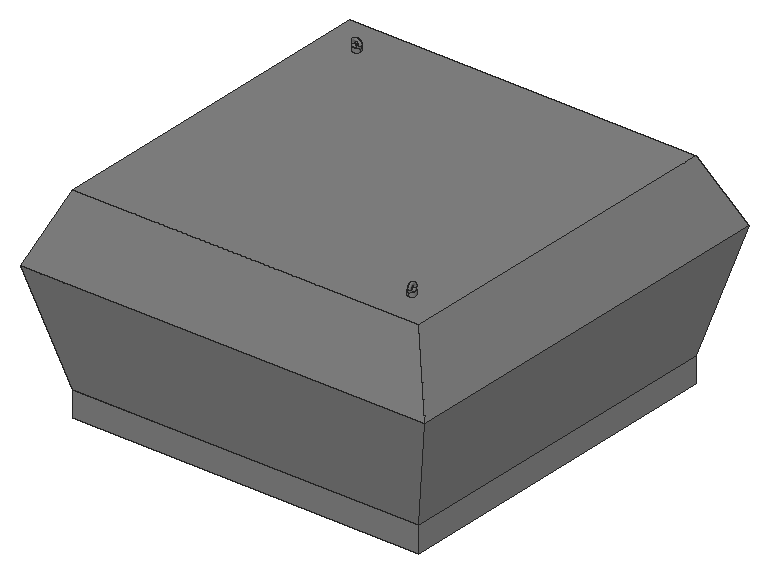
Revit family "НЕВАТОМ_Вентилятор VKR, версия 1", category Оборудование, Revit 2017
Family settings
  Размер круглого соединителя = Использовать диаметр
  Тип детали = Нормальный
  На основе рабочей плоскости = Нет
  Всегда вертикально = Да
  При загрузке вырезать с полостями = Нет
  Общий = Нет
  Точка расчета площади = Нет
Parameters (values of type "VKR 560/35 - 4D")
  Полное давление = 300.0 Pa
  Мощность двигателя N, кВт = 0.22 kW
  Материал = Сталь серая
  Макс. расход воздуха = 2500.0 m³/h
  Ключевая пометка = "Вентиляция"
  Задание электрикам [instance] = no
  h = H - C  # 16 mm
  c2 = C / 8  # 41.5 mm
  c = 0.68 * C  # 225.76 mm
  a = 4 * A / 5  # 448 mm
  Nevatom_Частотный преобразователь = ""
  Nevatom_Регулятор расхода = ""
  Nevatom_URL = "https://t.me/NEVATOM_Bim_bot"
  Nevatom_ Для задания электроснабжения = ""
  H = 348 mm
  C = 332 mm
  B = 655 mm
  ADSK_Частота вращения вентилятора = 1380
  ADSK_Ток = 0.47 A
  ADSK_Расход воздуха = 0.0 m³/h
  ADSK_Размер_Ширина = B  # 655 mm
  ADSK_Размер_Длина = B  # 655 mm
  ADSK_Размер_Высота = H  # 348 mm
  ADSK_Примечание = ""
  ADSK_Позиция = ""
  ADSK_Напряжение = 380 V
  ADSK_Наименование = "Вентилятор  крышный"  # constant formula
  ADSK_Материал наименование = "Оцинкованная сталь"  # constant formula
  ADSK_Масса_Текст = "24"
  ADSK_Масса = 24
  ADSK_Марка = "VKR 560/35 - 4D"
  ADSK_Количество = 1  # constant formula
  ADSK_Код изделия = ""
  ADSK_Завод-изготовитель = "НЕВАТОМ"  # constant formula
  ADSK_Единица измерения = "шт."  # constant formula
  A = 560 mm
Types (9, lengths in mm): name | Полное давление | Мощность двигателя N, кВт | Макс. расход воздуха | h | c2 | c | a | H | C | B | ADSK_Частота вращения вентилятора | ADSK_Ток | ADSK_Размер_Ширина | ADSK_Размер_Длина | ADSK_Размер_Высота | ADSK_Напряжение | ADSK_Масса_Текст | ADSK_Масса | ADSK_Марка | A
  VKR 300/22 - 2E | 490.0 Pa | 0.15 kW | 1000.0 m³/h | 32 | 27.875 | 151.64 | 240 | 255 | 223 | 380 | 2600 | 0.7 A | 380 | 380 | 255 | 230 V | "8,4" | 8.4 | "VKR 300/22 - 2E" | 300
  VKR 900/63 - 4D | 900.0 Pa | 4.3 kW | 15000.0 m³/h | 13 | 63.625 | 346.12 | 720 | 522 | 509 | 1032 | 1370 | 6.8 A | 1032 | 1032 | 522 | 380 V | "95.9" | 95.9 | "VKR 900/63 - 4D" | 900
  VKR 400/28 - 2E | 600.0 Pa | 0.25 kW | 1800.0 m³/h | 16 | 33.25 | 180.88 | 320 | 282 | 266 | 490 | 2500 | 1.1 A | 490 | 490 | 282 | 230 V | "12,1" | 12.1 | "VKR 400/28 - 2E" | 400
  VKR 560/35 - 4E | 260.0 Pa | 0.22 kW | 2200.0 m³/h | 16 | 41.5 | 225.76 | 448 | 348 | 332 | 655 | 1360 | 1 A | 655 | 655 | 348 | 230 V | "24" | 24 | "VKR 560/35 - 4E" | 560
  VKR 560/35 - 4D | 300.0 Pa | 0.22 kW | 2500.0 m³/h | 16 | 41.5 | 225.76 | 448 | 348 | 332 | 655 | 1380 | 0.47 A | 655 | 655 | 348 | 380 V | "24" | 24 | "VKR 560/35 - 4D" | 560
  VKR 560/40 - 4E | 480.0 Pa | 0.56 kW | 4000.0 m³/h | 17 | 41.625 | 226.44 | 448 | 350 | 333 | 655 | 1350 | 2.46 A | 655 | 655 | 350 | 230 V | "27,8" | 27.8 | "VKR 560/40 - 4E" | 560
  VKR 630/45 - 4E | 450.0 Pa | 0.83 kW | 6000.0 m³/h | 15 | 51.75 | 281.52 | 504 | 429 | 414 | 775 | 1340 | 4.1 A | 775 | 775 | 429 | 230 V | "36,2" | 36.2 | "VKR 630/45 - 4E" | 630
  VKR 630/50 - 4D | 530.0 Pa | 1.56 kW | 8000.0 m³/h | 13 | 53.75 | 292.4 | 504 | 443 | 430 | 775 | 1330 | 2.9 A | 775 | 775 | 443 | 380 V | "45,8" | 45.8 | "VKR 630/45 - 4E" | 630
  VKR 900/56 - 4D | 700.0 Pa | 2.3 kW | 10000.0 m³/h | 14 | 57.625 | 313.48 | 720 | 475 | 461 | 1015 | 1325 | 3.7 A | 1015 | 1015 | 475 | 380 V | "71,4" | 71.4 | "VKR 900/56 - 4D" | 900
Reference planes
  plane 1 "По центру (Вперед/Назад)": y = 0
  plane 2: z = 0
  plane 3 "По центру (Влево/Вправо)": x = 0
  plane 4: x = -280
  plane 5: x = -327.5
  plane 6: x = 280
  plane 7: x = 327.5
  plane 8: y = 280
  plane 9: y = 327.5
  plane 10: y = -280
  plane 11: y = -327.5
  plane 12: z = 332
  plane 13: z = 225.76
  plane 14: z = 348
  plane 15: z = 41.5
  plane 16: y = -224
  plane 17: y = 224
  plane 18: x = -224
  plane 19: x = 224
Forms (mm)
  Extrusion 1, void, not visible
    sketch origin (-345, -245, 50) x (0, -1, 0) y (0, 0, -1)
      loop
        line (-477.965, -475) -> (-477.965, -450) -> (-528.913, -450) -> (-528.913, -475) -> (-477.965, -475)
    from -47.452 to 12
  Extrusion 2, solid, material "Сталь серая" <- "Материал"
    sketch origin (0, 0, 0) x (1, 0, 0) y (0, 1, 0)
      loop
        line (-280, 280) -> (-280, -280) -> (280, -280) -> (280, 280) -> (-280, 280)
    from 0 to 41.5
  Blend 3, solid, material "Сталь серая" <- "Материал"
    base sketch origin (0, 0, 0) x (1, 0, 0) y (0, 1, 0)
      loop
        line (-280, 280) -> (-280, -280) -> (280, -280) -> (280, 280) -> (-280, 280)
    top sketch origin (0, 0, 0) x (1, 0, 0) y (0, 1, 0)
      loop
        line (-327.5, 327.5) -> (-327.5, -327.5) -> (327.5, -327.5) -> (327.5, 327.5) -> (-327.5, 327.5)
    from 41.5 to 225.76
  Blend 4, solid, material "Сталь серая" <- "Материал"
    base sketch origin (0, 0, 0) x (1, 0, 0) y (0, 1, 0)
      loop
        line (-327.5, 327.5) -> (-327.5, -327.5) -> (327.5, -327.5) -> (327.5, 327.5) -> (-327.5, 327.5)
    top sketch origin (0, 0, 0) x (1, 0, 0) y (0, 1, 0)
      loop
        line (-280, 280) -> (-280, -280) -> (280, -280) -> (280, 280) -> (-280, 280)
    from 225.76 to 332
Lines and regions (mm)
  model lines, not visible, detail levels coarse
    curve 1: circle (0, 0, 0) r 135 normal (0, 0, 1)
    curve 2: line (-135, 0, 0) -> (43.681, 127.738, 0)
    curve 3: line (-135, 0, 0) -> (43.681, -127.738, 0)
    curve 4: line (43.681, 127.738, 0) -> (43.681, -127.738, 0)
  model lines, not visible, detail levels medium
    curve 5: circle (0, 0, 0) r 90 normal (0, -1, 0)
    curve 6: line (-90, 0, 0) -> (39.046, 0, 81.089)
    curve 7: line (-90, 0, 0) -> (39.046, 0, -81.089)
    curve 8: line (39.046, 0, 81.089) -> (39.046, 0, -81.089)
Dimensions and locks
  equal spacing: plane 10, plane 1 "По центру (Вперед/Назад)", plane 8
  "A": plane 10 to plane 8
  equal spacing: plane 11, plane 1 "По центру (Вперед/Назад)", plane 9
  "B": plane 9 to plane 11
  equal spacing: plane 5, plane 3 "По центру (Влево/Вправо)", plane 7
  "B": plane 5 to plane 7
  equal spacing: plane 4, plane 3 "По центру (Влево/Вправо)", plane 6
  "A": plane 4 to plane 6
  "c": plane 13 to level
  "C": plane 12 to level
  "H": plane 14 to level
  "c2": plane 15 to level
  equal spacing: plane 17, plane 1 "По центру (Вперед/Назад)", plane 16
  "a": plane 17 to plane 16
  equal spacing: plane 18, plane 3 "По центру (Влево/Вправо)", plane 19
  "a": plane 18 to plane 19
  aligned and locked: level to plane 2
  aligned and locked: Extrusion 2 sketch curve to plane 8
  aligned and locked: plane 4 to Extrusion 2 sketch curve
  aligned and locked: Extrusion 2 sketch curve to plane 10
  aligned and locked: plane 6 to Extrusion 2 sketch curve
  aligned and locked: Extrusion 2 to level
  aligned and locked: plane 15 to Extrusion 2
  aligned and locked: Extrusion 2 to plane 2
  aligned and locked: Blend 3 sketch curve to Extrusion 2  (x4)
  aligned and locked: plane 9 to Blend 3 sketch curve
  aligned and locked: Blend 3 sketch curve to plane 5
  aligned and locked: plane 11 to Blend 3 sketch curve
  aligned and locked: Blend 3 sketch curve to plane 7
  aligned and locked: Blend 3 to plane 15
  aligned and locked: plane 13 to Blend 3
  aligned and locked: Blend 4 sketch curve to Blend 3  (x4)
  aligned and locked: Blend 4 sketch curve to Extrusion 2  (x4)
  aligned and locked: plane 12 to Blend 4
  aligned and locked: Blend 4 to plane 13
  aligned and locked: plane 18 to nested 2
  aligned and locked: nested 2 to plane 17
  aligned and locked: nested 3 to plane 19
  aligned and locked: plane 16 to nested 3
  aligned and locked: nested 2 to plane 12
  aligned and locked: nested 3 to plane 12
Nested families
  nested 1: "крепление 15мм" at (-330, 229.965, 495), type "крепление 15мм", not visible
  nested 2: "Ухо монтажное" at (-224, 224, 332), type "Ухо монтажное"
    with H 16 mm
  nested 3: "Ухо монтажное" at (224, -224, 332) x (0, 1, 0) z (0, 0, 1), type "Ухо монтажное"
    with H 16 mm
Connectors
  hvac at (0, 0, 0), driven by "A", driven by "A", driven by "ADSK_Расход воздуха"
    settings: on Extrusion 2, index 1, duct flow 0.0 m³/h, flow factor 0, pres drop 0.0 Pa, loss coef 0, conn angle 0.00°, conn width 560 mm, conn height 560 mm, conn diameter 609.6 mm, duct sys type 29, conn prof type 1, flow config 0, flow direction 0, loss method 0, conn ref index -1, conn util no, is conn primary yes, conn desc ""
Definition of nested family "крепление 15мм"
  Parameters (values of type "крепление 15мм")
    Материал крепления = none
  Reference planes
    plane 1 "По центру (Вперед/Назад)": y = 0
    plane 2: z = 0
    plane 3 "По центру (Влево/Вправо)": x = 0
  Forms (mm)
    Extrusion 1, solid, material <- "Материал крепления"
      sketch origin (0, 0, 0) x (1, 0, 0) y (0, 1, 0)
        loop
          line (-25, 0) -> (0, 0) -> (0, 18.31) -> (0, 25) -> (-3, 25) -> (-3, 3) -> (-25, 3) -> (-25, 0)
      from 0 to 30
    Extrusion 2, void
      sketch origin (0, 0, 0) x (1, 0, 0) y (0, 1, 0)
        loop
          line (-3, 3) -> (-3, 54.96) -> (-58, 54.96) -> (-58, 3) -> (-3, 3)
      from 0 to 15
  Cuts and joins
    Extrusion 2 cuts Extrusion 1
  Dimensions and locks
    Extrusion 1 sketch curve to Extrusion 1 sketch curve = 3 mm  (x2)
    Extrusion 1 sketch curve to Extrusion 1 sketch curve to plane 3 "По центру (Влево/Вправо)" = 25 mm, 0 mm
    Extrusion 1 sketch curve to Extrusion 1 sketch curve = 25 mm
    aligned and locked: level to plane 2
Definition of nested family "Ухо монтажное"
  Parameters (values of type "Ухо монтажное")
    Тип, марка, обозначение = ""
    Примечание = ""
    Позиция = ""
    Наименование и тех.хар-ка = "Ухо монтажное"  # constant formula
    Материал = none
    Масса единицы = ""
    Код, оборудования = ""
    Keynote = "Вентиляция"
    Завод изготовитель = "NEVATOM"  # constant formula
    Единица измерения = "шт."  # constant formula
    H [instance] = 15 mm
  Reference planes
    plane 1 "По центру (Вперед/Назад)": y = 0
    plane 2: z = 0
    plane 3 "По центру (Влево/Вправо)": x = 0
    plane 4: z = 15
    plane 5: z = 9
    plane 6: z = 4.452
  Forms (mm)
    Extrusion 1, void, not visible
      sketch origin (-345, -245, 50) x (0, -1, 0) y (0, 0, -1)
        loop
          line (-477.965, -475) -> (-477.965, -450) -> (-528.913, -450) -> (-528.913, -475) -> (-477.965, -475)
      from -47.452 to 12
    Extrusion 2, solid, material <- "Материал"
      sketch origin (0, 0, 0) x (1, 0, 0) y (0, 1, 0)
        loop
          circle (0, 0) r 6
      from 0 to 4.452
    Sweep 3, solid, material <- "Материал"
      path origin (0, 0, 0) x (1, 0, 0) y (0, 0, 1)
        loop
          circle (0, 9) r 6
      profile origin (0, 0, 15) x (0, 0, -1) y (0, -1, 0)
        loop
          circle (0, 0) r 2
  Cuts and joins
    joined: Extrusion 2, Sweep 3
  Lines and regions (mm)
    model lines, not visible, detail levels coarse
      curve 1: circle (0, 0, 0) r 135 normal (0, 0, 1)
      curve 2: line (-135, 0, 0) -> (43.681, 127.738, 0)
      curve 3: line (-135, 0, 0) -> (43.681, -127.738, 0)
      curve 4: line (43.681, 127.738, 0) -> (43.681, -127.738, 0)
    model lines, not visible, detail levels medium
      curve 5: circle (0, 0, 0) r 90 normal (0, -1, 0)
      curve 6: line (-90, 0, 0) -> (39.046, 0, 81.089)
      curve 7: line (-90, 0, 0) -> (39.046, 0, -81.089)
      curve 8: line (39.046, 0, 81.089) -> (39.046, 0, -81.089)
  Dimensions and locks
    "H": plane 4 to level
    locked: plane 4 to plane 5 at 6
    locked: plane 5 to plane 6 at 4.548
    aligned and locked: level to plane 2
    aligned and locked: plane 6 to Extrusion 2  (x2)
    aligned and locked: Extrusion 2 to level
  Automatic sketch dimensions
    plane 1 "По центру (Вперед/Назад)" to Extrusion 2 sketch curve = 0 mm
    Extrusion 2 sketch curve to plane 3 "По центру (Влево/Вправо)" = 0 mm
    Sweep 3 sketch curve to plane 3 "По центру (Влево/Вправо)" = 0 mm
    Sweep 3 sketch curve to plane 5 = 0 mm
    Sweep 3 sketch curve to plane 1 "По центру (Вперед/Назад)" = 0 mm
    Sweep 3 sketch curve to profile plane = 0 mm
    radius of Extrusion 2 sketch curve = 6 mm
    radius of Sweep 3 sketch curve = 6 mm
    radius of Sweep 3 sketch curve = 2 mm
  Nested families
    nested 1: "крепление 15мм" at (-330, 229.965, 495), type "крепление 15мм", not visible
  Definition of nested family "крепление 15мм"
    Parameters (values of type "крепление 15мм")
      Материал крепления = none
    Reference planes
      plane 1 "По центру (Вперед/Назад)": y = 0
      plane 2: z = 0
      plane 3 "По центру (Влево/Вправо)": x = 0
    Forms (mm)
      Extrusion 1, solid, material <- "Материал крепления"
        sketch origin (0, 0, 0) x (1, 0, 0) y (0, 1, 0)
          loop
            line (-25, 0) -> (0, 0) -> (0, 18.31) -> (0, 25) -> (-3, 25) -> (-3, 3) -> (-25, 3) -> (-25, 0)
        from 0 to 30
      Extrusion 2, void
        sketch origin (0, 0, 0) x (1, 0, 0) y (0, 1, 0)
          loop
            line (-3, 3) -> (-3, 54.96) -> (-58, 54.96) -> (-58, 3) -> (-3, 3)
        from 0 to 15
    Cuts and joins
      Extrusion 2 cuts Extrusion 1
    Dimensions and locks
      Extrusion 1 sketch curve to Extrusion 1 sketch curve = 3 mm  (x2)
      Extrusion 1 sketch curve to Extrusion 1 sketch curve to plane 3 "По центру (Влево/Вправо)" = 25 mm, 0 mm
      Extrusion 1 sketch curve to Extrusion 1 sketch curve = 25 mm
      aligned and locked: level to plane 2
